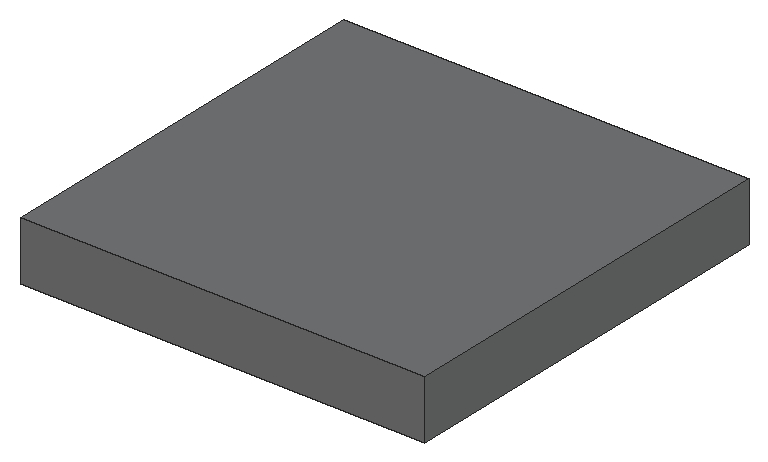
Revit family "Gira_027003", category Electrical Fixtures, host Face, Revit 2017
Family settings
  Host = Face
  Maintain Annotation Orientation = No
  Round Connector Dimension = Use Diameter
  Part Type = Normal
  Cut with Voids When Loaded = No
  Shared = No
  Room Calculation Point = No
Parameters (values of type "Abd. UAE/IAE + Netzwerk System 55 Reinweiß")
  Zusammenstellung = "Zentralplatte"
  Werkstoffgüte = "sonstige"
  Werkstoff = "Kunststoff"
  Verwendung = "UAE/IAE"
  URL = "http://katalog.gira.de/de_DE/datenblatt.html?artikelnr=027003"
  Transparent = "No"
  Tragring = "No"
  Region = "DE"
  RAL-Nummer (ähnlich) = "9010 "
  Oberfläche = "sonstige"
  Name = "Abd. UAE/IAE + Netzwerk System 55 Reinweiß"
  Montageart = "unter Putz"
  Mit Zugentlastung = "No"
  Mit Staubschutz = "No"
  Mit Klappdeckel = "No"
  Mit Aufdruck = "No"
  Manufacturer URL = "https://www.gira.de/"
  Lüsterklemme = "No"
  Keynote = "Sys55_Abdeckung_Schalten und Tasten"
  HeinzeBIM = "https://bimportal.heinze.de/bim/abd-uae-iae-netzwerk-system-55-reinweiss/d39249e620d01f05efc6a3595b41c8cf5ba3d4e9"
  Halogenfrei = "Yes"
  HAN = "027003"
  Geeignet für Schutzart (IP) = "IP20"
  GTIN = "4010337270034"
  Farbe = "weiß"
  Default Elevation = 1219.2 mm
  Data sheet (1) = "https://katalog.gira.de/de_DE/download.html?artikelnr=027003"
  Category = "Einsatz/Abdeckung für Kommunikationstechnik"
  Beschriftungsfeld = "ohne Beschriftungsfeld"
  Befestigungsart = "Befestigung mit Schraube"
  Available = "Yes"
  Ausführung der Oberfläche = "glänzend"
  Anthrazit [instance] = Anthrazit
Reference planes
  plane 1 "Center (Front/Back)": y = 0
  plane 2: z = 0
  plane 3 "Center (Left/Right)": x = 0
Forms (mm)
  Extrusion 1, solid, material "Anthrazit" <- "Anthrazit", detail levels fine
    sketch origin (0, 0, 0) x (1, 0, 0) y (0, 1, 0)
      loop
        line (-27.5, 27.5) -> (-27.5, -27.5) -> (27.5, -27.5) -> (27.5, 27.5) -> (-27.5, 27.5)
    from 0 to 8
  Extrusion 2, void
    sketch origin (0, 0, 0) x (1, 0, 0) y (0, 1, 0)
      loop
        line (26, 26) -> (-26, 26) -> (-26, -26) -> (26, -26) -> (26, 26)
    from 0 to 6
  Extrusion 3, solid, material "Anthrazit" <- "Anthrazit", detail levels medium
    sketch origin (0, 0, 0) x (1, 0, 0) y (0, 1, 0)
      loop
        line (-27.5, 27.5) -> (-27.5, -27.5) -> (27.5, -27.5) -> (27.5, 27.5) -> (-27.5, 27.5)
    from 0 to 8
  Extrusion 4, solid, material "Anthrazit" <- "Anthrazit", detail levels medium
    sketch origin (0, 0, 0) x (1, 0, 0) y (0, 1, 0)
      loop
        line (11, -17.5) -> (11, 17.5) -> (-11, 17.5) -> (-11, -17.5) -> (11, -17.5)
    from -6 to 6
  Extrusion 5, solid, material "Anthrazit" <- "Anthrazit", detail levels fine
    sketch origin (0, 0, 0) x (1, 0, 0) y (0, 1, 0)
      loop
        line (11, 17.5) -> (-11, 17.5) -> (-11, 16.5) -> (11, 16.5) -> (11, 17.5)
      loop
        line (-11, -16.5) -> (-11, -17.5) -> (11, -17.5) -> (11, -16.5) -> (-11, -16.5)
    from -4 to 6
  Extrusion 6, solid, material "Anthrazit" <- "Anthrazit", detail levels fine
    sketch origin (0, 0, 0) x (1, 0, 0) y (0, 1, 0)
      loop
        arc (5, 9.347) -> (0, 10.6) -> (-5, 9.347) r 10.6
        line (-5, 9.347) -> (-5, -9.347)
        arc (-5, -9.347) -> (0, -10.6) -> (5, -9.347) r 10.6
        line (5, -9.347) -> (5, 9.347)
    from -6 to 6
  Extrusion 7, solid, material "Anthrazit" <- "Anthrazit", detail levels coarse
    sketch origin (0, 0, 0) x (1, 0, 0) y (0, 1, 0)
      loop
        line (-27.5, 27.5) -> (-27.5, -27.5) -> (27.5, -27.5) -> (27.5, 27.5) -> (-27.5, 27.5)
    from -6 to 8
Cuts and joins
  Extrusion 2 cuts Extrusion 1
Dimensions and locks
  aligned and locked: plane 2 to host face
  aligned and locked: level to host face
